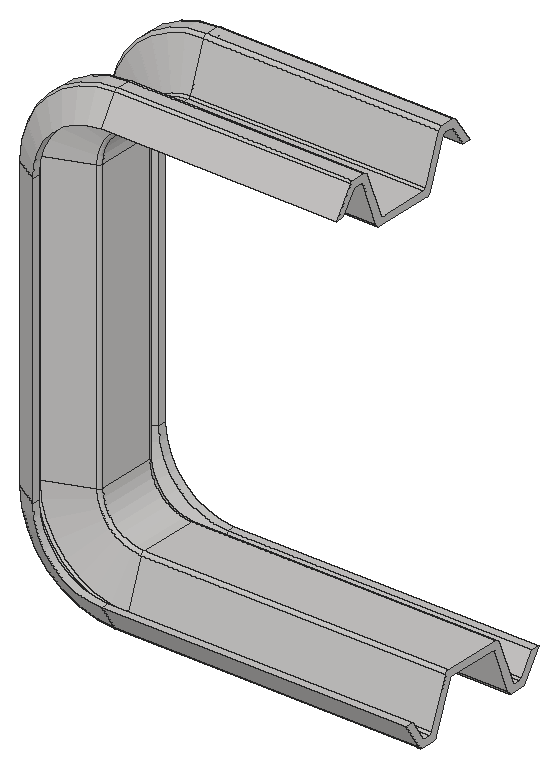
Revit family "E_Cable Tray Support_MEPcontent_OBO Bettermann_Bracket TPD FS", category Cable Tray Fittings, Revit 2015
Parameters (values of type "TPD 145 FS")
  Wholesaler Art. No. = ""
  Wholesaler = ""
  Watermarked By = "www.stabiplan.com"
  Width 1 = 145.00 mm
  Width = Width 1  # 145 mm
  URL = "www.stabiplan.com"
  Tray Height [instance] = 60.00 mm
  built-in parameter 1140111 [instance] = 2.50 mm  # 0.0082021 (stored number, unit not read)
  Stabu Code = ""
  Revit Version = "2015"  # constant formula
  MEPcontent Class = "CABLE_TRAY_SUPPORT"  # constant formula
  Internal Art. No. = ""
  IFCExportType = "NOTDEFINED"  # constant formula
  IFCExportAs = "IfcCableCarrierFittingType"  # constant formula
  Function Code [instance] = ""
  Family Version = "10.14"  # constant formula
  ETIM Article Class = "EC000022"  # constant formula
  EMCS Version = "2.0"  # constant formula
  Copyright = "© Stabiplan International BV"  # constant formula
  Content Supplier URL = ""
  CB-NL Class = ""
  Article Type = if(and(Width = 145.00 mm, Height = 175.00 mm), "TPD 145 FS ", if(and(Width = 245.00 mm, Height = 175.00 mm), "TPD 245 FS ", if(and(Width = 345.00 mm, Height = 175.00 mm), "TPD 345 FS", "Unknown")))  # "TPD 145 FS "
  Product Line = "OBO BETTERMANN CableTrays"  # constant formula
  Model = if(and(Width = 145.00 mm, Height = 175.00 mm), "TPD 145 FS ", if(and(Width = 245.00 mm, Height = 175.00 mm), "TPD 245 FS ", if(and(Width = 345.00 mm, Height = 175.00 mm), "TPD 345 FS", "Unknown")))  # "TPD 145 FS "
  Manufacturer = "OBO BETTERMANN"  # constant formula
  Custom [instance] = if(and(Width = 145.00 mm, Height = 175.00 mm), 1 = 0, if(and(Width = 245.00 mm, Height = 175.00 mm), 1 = 0, if(and(Width = 345.00 mm, Height = 175.00 mm), 1 = 0, 1 = 1)))  # no
  Half Tray Height [instance] = Tray Height / 2  # 30.00 mm
  Height 1 = 175.00 mm  # constant formula
  Height = Height 1  # 175 mm
  GTIN = if(and(Width = 145.00 mm, Height = 175.00 mm), "4012196198610", if(and(Width = 245.00 mm, Height = 175.00 mm), "4012196198672", if(and(Width = 345.00 mm, Height = 175.00 mm), "4012196198733", "Unknown")))  # "4012196198610"
  Description = "Wall and Ceiling Bracket"
  Depth = 60.00 mm  # constant formula
  Manufacturer URL = "http://catalog4.obo-bettermann.com/catalogue/catalogue.do?forward=showProductGroup&act=showIO&favOid=kts_7078&action=showManyProducts&lang=nl&OID=kts_7078&catId="
  Gray = Color RGB 189-187-185
  Manufacturer Art. No. = if(and(Width = 145.00 mm, Height = 175.00 mm), "6363806", if(and(Width = 245.00 mm, Height = 175.00 mm), "6363814", if(and(Width = 345.00 mm, Height = 175.00 mm), "6363822", "Unknown")))  # "6363806"
  Article Description = "Wall and Ceiling Bracket"
Types (3, lengths in mm): name | Width 1 | Width | Tray Height | Article Type | Model | Half Tray Height | GTIN | Manufacturer Art. No.
  TPD 145 FS | 145.00 | 145 | 60.00 | "TPD 145 FS " | "TPD 145 FS " | 30.00 | "4012196198610" | "6363806"
  TPD 245 FS | 245.00 | 245 | 150.00 | "TPD 245 FS " | "TPD 245 FS " | 75.00 | "4012196198672" | "6363814"
  TPD 345 FS | 345.00 | 345 | 110.00 | "TPD 345 FS" | "TPD 345 FS" | 55.00 | "4012196198733" | "6363822"
Reference planes
  plane 1 "Center (Front/Back)": y = 0
  plane 2: z = 0
  plane 3 "Center (Left/Right)": x = 0
  plane 4: z = 125
  plane 5: z = -50
  plane 6: y = 30
  plane 7: y = -30
  plane 8: x = 52.5
  plane 9: x = -72.5
  plane 10: x = 47.5
  plane 11: x = 72.5
  plane 12: z = 105
  plane 13: x = -52.5
  plane 14: z = -30
  plane 15: z = 115
  plane 16: x = -62.5
  plane 17: z = -40
  plane 18: y = -10
  plane 19: y = 10
  plane 20: y = -23.34
  plane 21: y = -16.67
  plane 22: y = 23.34
  plane 23: y = 16.67
  plane 24: y = 12.5
  plane 25: y = -12.5
Forms (mm)
  Sweep 1, solid, material "Color RGB 189-187-185" <- "Gray", detail levels medium+fine
    path origin (0, 0, 0) x (1, 0, 0) y (0, 0, 1)
      loop
        line (47.5, 115) -> (-37.5, 115)
        arc (-37.5, 115) -> (-55.178, 107.678) -> (-62.5, 90) r 25
        line (-62.5, 90) -> (-62.5, -15)
        arc (-62.5, -15) -> (-55.178, -32.678) -> (-37.5, -40) r 25
        line (-37.5, -40) -> (72.5, -40)
    profile origin (5, 0, 115) x (0, 0, -1) y (0, -1, 0)
      loop
        line (0, 26.996) -> (0, 30) -> (-9.331, 23.785)
        arc (-9.331, 23.785) -> (-9.822, 23.245) -> (-10, 22.537) r 1.5
        line (-10, 22.537) -> (-10, 17.704)
        arc (-10, 17.704) -> (-9.735, 16.852) -> (-9.034, 16.302) r 1.5
        line (-9.034, 16.302) -> (6.856, 10.245)
        arc (6.856, 10.245) -> (7.323, 9.878) -> (7.5, 9.311) r 1
        line (7.5, 9.311) -> (7.5, -9.311)
        arc (7.5, -9.311) -> (7.323, -9.878) -> (6.856, -10.245) r 1
        line (6.856, -10.245) -> (-9.034, -16.302)
        arc (-9.034, -16.302) -> (-9.735, -16.852) -> (-10, -17.704) r 1.5
        line (-10, -17.704) -> (-10, -22.537)
        arc (-10, -22.537) -> (-9.822, -23.245) -> (-9.331, -23.785) r 1.5
        line (-9.331, -23.785) -> (0, -30) -> (0, -26.996) -> (-7.054, -22.298)
        arc (-7.054, -22.298) -> (-7.382, -21.938) -> (-7.5, -21.466) r 1
        line (-7.5, -21.466) -> (-7.5, -19.082)
        arc (-7.5, -19.082) -> (-7.323, -18.514) -> (-6.856, -18.147) r 1
        line (-6.856, -18.147) -> (9.034, -12.091)
        arc (9.034, -12.091) -> (9.735, -11.54) -> (10, -10.689) r 1.5
        line (10, -10.689) -> (10, 10.689)
        arc (10, 10.689) -> (9.735, 11.54) -> (9.034, 12.091) r 1.5
        line (9.034, 12.091) -> (-6.856, 18.147)
        arc (-6.856, 18.147) -> (-7.323, 18.514) -> (-7.5, 19.082) r 1
        line (-7.5, 19.082) -> (-7.5, 21.466)
        arc (-7.5, 21.466) -> (-7.382, 21.938) -> (-7.054, 22.298) r 1
        line (-7.054, 22.298) -> (0, 26.996)
Lines and regions (mm)
  model lines, style "Fittings", detail levels coarse
    curve 1: line (47.5, 0, 115) -> (-62.5, 0, 115)
    curve 2: line (72.5, 0, -40) -> (-62.5, 0, -40)
    curve 3: line (-62.5, 0, 115) -> (-62.5, 0, -40)
Dimensions and locks
  equal spacing: plane 6, plane 1 "Center (Front/Back)", plane 7
  "Depth": plane 6 to plane 7
  "Height": plane 4 to plane 5
  locked: plane 9 to plane 10 at 120
  equal spacing: plane 9, plane 3 "Center (Left/Right)", plane 11
  "Width": plane 9 to plane 11
  locked: plane 4 to plane 12 at 20
  locked: plane 9 to plane 13 at 20
  locked: plane 14 to plane 5 at 20
  equal spacing: plane 4, plane 15, plane 12
  equal spacing: plane 9, plane 16, plane 13
  equal spacing: plane 14, plane 17, plane 5
  equal spacing: plane 18, profile plane, plane 19
  locked: plane 18 to plane 19 at 20
  locked: plane 21 to plane 18 at 6.67
  equal spacing: plane 20, plane 21, plane 18
  plane 20 to plane 21 = 6.67 mm
  plane 22 to plane 23 = 6.67 mm
  equal spacing: plane 19, plane 23, plane 22
  plane 19 to plane 23 = 6.67 mm
  "Half Tray Height": level to plane 14
  radius of Sweep 1 sketch curve = 25.00 mm  (x2)
  radius of Sweep 1 sketch curve = 1.50 mm  (x7)
  radius of Sweep 1 sketch curve = 1.00 mm  (x6)
  aligned and locked: level to plane 2
  aligned and locked: plane 16 to curve 1
  aligned and locked: plane 15 to curve 3
  aligned and locked: plane 10 to curve 1
  aligned and locked: plane 17 to curve 3
  aligned and locked: plane 16 to curve 2
  aligned and locked: plane 11 to curve 2
Automatic sketch dimensions
  Sweep 1 sketch curve to plane 16 = 0.00 mm
  Sweep 1 sketch curve to plane 15 = 0.00 mm
  Sweep 1 sketch curve to plane 17 = 0.00 mm
  Sweep 1 sketch curve to plane 10 = 0.00 mm
  Sweep 1 sketch curve to plane 11 = 0.00 mm
  Sweep 1 sketch curve to profile plane = 0.00 mm  (x2)
  plane 22 to Sweep 1 sketch curve = 0.803 mm
  profile plane to Sweep 1 sketch curve = 8.50 mm
  Sweep 1 sketch curve to Sweep 1 sketch curve = 2.00 mm
  profile plane to Sweep 1 sketch curve = 6.50 mm
  Sweep 1 sketch curve to plane 23 = 1.477 mm
  Sweep 1 sketch curve to Sweep 1 sketch curve = 0.356 mm  (x3)
  Sweep 1 sketch curve to plane 21 = 1.477 mm
  plane 20 to Sweep 1 sketch curve = 1.042 mm
  Sweep 1 sketch curve to Sweep 1 sketch curve = 0.446 mm
  Sweep 1 sketch curve to Sweep 1 sketch curve = 0.554 mm
  Sweep 1 sketch curve to plane 22 = 0.445 mm
  Sweep 1 sketch curve to Sweep 1 sketch curve = 1.00 mm  (x2)
  plane 21 to Sweep 1 sketch curve = 0.368 mm
  Sweep 1 sketch curve to Sweep 1 sketch curve = 0.534 mm  (x4)
  plane 23 to Sweep 1 sketch curve = 0.368 mm
  Sweep 1 sketch curve to plane 20 = 0.445 mm
  plane 20 to Sweep 1 sketch curve = 0.803 mm
  plane 18 to Sweep 1 sketch curve = 0.689 mm
  Sweep 1 sketch curve to profile plane = 6.50 mm
  Sweep 1 sketch curve to plane 19 = 0.245 mm
  Sweep 1 sketch curve to plane 18 = 0.245 mm
  Sweep 1 sketch curve to plane 25 = 0.409 mm
  Sweep 1 sketch curve to plane 24 = 0.409 mm
  Sweep 1 sketch curve to plane 22 = 3.656 mm
  Sweep 1 sketch curve to Sweep 1 sketch curve = 3.004 mm  (x2)
  plane 22 to Sweep 1 sketch curve = 1.042 mm
  Sweep 1 sketch curve to plane 20 = 3.656 mm
